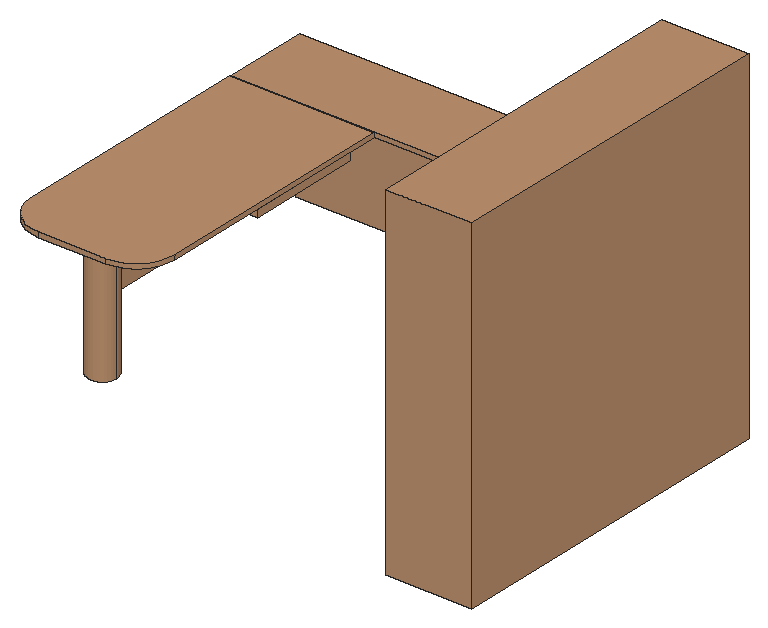
Revit family
Reference planes (in)
  plane 1 "Center Front/Back": y = 0
  plane 2: z = 0
  plane 3 "Center Left/Right": x = 0
Forms (in)
  Extrusion 1, solid, material "desk"
    sketch origin (0, 0, 0) x (1, 0, 0) y (0, 1, 0)
      loop
        line (-44.56898, 24.4196) -> (-44.56898, 6.4196) -> (45.43102, 6.4196) -> (45.43102, 24.4196) -> (-44.56898, 24.4196)
    from 29.01277 to 30
  Extrusion 2, solid, material "desk"
    sketch origin (-6, -0.125, 0) x (1, 0, 0) y (0, 1, 0)
      loop
        line (-38.56898, 6.4196) -> (-38.56898, -45.5804)
        arc (-38.56898, -45.5804) -> (-36.22584, -51.23725) -> (-30.56898, -53.5804) r 8
        line (-30.56898, -53.5804) -> (-16.56898, -53.5804)
        arc (-16.56898, -53.5804) -> (-10.91213, -51.23725) -> (-8.56898, -45.5804) r 8
        line (-8.56898, -45.5804) -> (-8.56898, 6.4196) -> (-38.56898, 6.4196)
    from 29.01277 to 30
  Extrusion 3, solid, material "desk"
    sketch origin (-6, 0, 0) x (1, 0, 0) y (0, 1, 0)
      loop
        circle (-26.55775, -42.05685) r 3
    from 0 to 29.01277
  Extrusion 4, solid, material "desk"
    sketch origin (-6, 0, 0) x (1, 0, 0) y (0, 1, 0)
      loop
        line (-27.05775, -39.05685) -> (-26.05775, -39.05685) -> (-26.05775, 23.4196) -> (-27.05775, 23.4196) -> (-27.05775, -39.05685)
    from 14.01376 to 29.01277
  Extrusion 5, solid, material "desk"
    sketch origin (0, 0, 0) x (1, 0, 0) y (0, 1, 0)
      loop
        line (45.43102, 24.4196) -> (25.49179, 24.4196) -> (25.49179, 6.4196) -> (45.43102, 6.4196) -> (45.43102, 24.4196)
    from 0 to 29.01277
  Extrusion 6, solid, material "desk"
    sketch origin (0, 0, 0) x (1, 0, 0) y (0, 1, 0)
      loop
        line (25.49179, 24.4196) -> (-44.56898, 24.4196) -> (-44.56898, 23.4196) -> (25.49179, 23.4196) -> (25.49179, 24.4196)
    from 0 to 29.01277
  Extrusion 7, void
    sketch origin (0, 0, 0) x (1, 0, 0) y (0, 1, 0)
      loop
        line (44.43102, 23.4196) -> (26.49179, 23.4196) -> (26.49179, 6.4196) -> (44.43102, 6.4196) -> (44.43102, 23.4196)
    from 0.96247 to 29.01277
  Extrusion 8, solid, material "desk"
    sketch origin (0, 0, 0) x (1, 0, 0) y (0, 1, 0)
      loop
        line (26.61679, 6.4196) -> (44.30602, 6.4196) -> (44.30602, 7.4196) -> (26.61679, 7.4196) -> (26.61679, 6.4196)
    from 1.08747 to 14.42049
  Extrusion 9, solid, material "desk"
    sketch origin (-3.25, 0, 0) x (1, 0, 0) y (0, 1, 0)
      loop
        line (29.86679, 6.4196) -> (47.55602, 6.4196) -> (47.55602, 7.4196) -> (29.86679, 7.4196) -> (29.86679, 6.4196)
    from 14.54549 to 28.88777
  Extrusion 10, solid, material "Desk handle"
    sketch origin (0, 0, 0) x (1, 0, 0) y (0, 1, 0)
      loop
        line (34.4614, 5.4196) -> (36.4614, 5.4196)
        arc (36.4614, 5.4196) -> (37.16851, 5.71249) -> (37.4614, 6.4196) r 1
        line (37.4614, 6.4196) -> (37.2114, 6.4196)
        arc (37.2114, 6.4196) -> (36.99173, 5.88927) -> (36.4614, 5.6696) r 0.75
        line (36.4614, 5.6696) -> (34.4614, 5.6696)
        arc (34.4614, 5.6696) -> (33.93107, 5.88927) -> (33.7114, 6.4196) r 0.75
        line (33.7114, 6.4196) -> (33.4614, 6.4196)
        arc (33.4614, 6.4196) -> (33.7543, 5.71249) -> (34.4614, 5.4196) r 1
    from 25.04179 to 26.05293
  Extrusion 11, solid, material "Desk handle"
    sketch origin (0, 0, 0) x (1, 0, 0) y (0, 1, 0)
      loop
        line (34.4614, 5.4196) -> (36.4614, 5.4196)
        arc (36.4614, 5.4196) -> (37.16851, 5.71249) -> (37.4614, 6.4196) r 1
        line (37.4614, 6.4196) -> (37.2114, 6.4196)
        arc (37.2114, 6.4196) -> (36.99173, 5.88927) -> (36.4614, 5.6696) r 0.75
        line (36.4614, 5.6696) -> (34.4614, 5.6696)
        arc (34.4614, 5.6696) -> (33.93107, 5.88927) -> (33.7114, 6.4196) r 0.75
        line (33.7114, 6.4196) -> (33.4614, 6.4196)
        arc (33.4614, 6.4196) -> (33.7543, 5.71249) -> (34.4614, 5.4196) r 1
    from 10.50792 to 11.4931
  Extrusion 12, solid, material "desk"
    sketch origin (0, 0, 0) x (1, 0, 0) y (0, 1, 0)
      loop
        line (-14.56898, 0) -> (-26.56898, 0) -> (-26.56898, -24) -> (-14.56898, -24) -> (-14.56898, 0)
    from 27.38777 to 28.88777
  Extrusion 13, solid, material "desk"
    sketch origin (0, 0, 0) x (1, 0, 0) y (0, 1, 0)
      loop
        line (45.43102, 6.4196) -> (45.43102, -65.5804) -> (63.43102, -65.5804) -> (63.43102, 6.4196) -> (45.43102, 6.4196)
    from 0 to 72
  Extrusion 14, void
    sketch origin (0, 0, 0) x (1, 0, 0) y (0, 1, 0)
      loop
        line (45.43102, -47.5804) -> (62.43102, -47.5804) -> (62.43102, -11.5804) -> (45.43102, -11.5804) -> (45.43102, -47.5804)
    from 0 to 29.01277
  Extrusion 15, void
    sketch origin (0, 0, 0) x (1, 0, 0) y (0, 1, 0)
      loop
        line (45.43102, -64.5804) -> (62.43102, -64.5804) -> (62.43102, 5.4196) -> (45.43102, 5.4196) -> (45.43102, -64.5804)
    from 30 to 54
  Extrusion 16, void
    sketch origin (0, 0, 0) x (1, 0, 0) y (0, 1, 0)
      loop
        line (45.43102, -48.5804) -> (45.43102, -64.5804) -> (62.43102, -64.5804) -> (62.43102, -48.5804) -> (45.43102, -48.5804)
    from 0.96247 to 29.01277
  Extrusion 17, void
    sketch origin (0, 54, 0) x (1, 0, 0) y (0, 1, 0)
      loop
        line (45.43102, -48.5804) -> (45.43102, -64.5804) -> (62.43102, -64.5804) -> (62.43102, -48.5804) -> (45.43102, -48.5804)
    from 0.96247 to 29.01277
  Extrusion 18, void
    sketch origin (0, 0, 0) x (1, 0, 0) y (0, 1, 0)
      loop
        line (45.43102, -48.5804) -> (45.43102, -64.5804) -> (62.43102, -64.5804) -> (62.43102, -48.5804) -> (45.43102, -48.5804)
    from 55 to 71
  Extrusion 19, void
    sketch origin (0, 54, 0) x (1, 0, 0) y (0, 1, 0)
      loop
        line (45.43102, -48.5804) -> (45.43102, -64.5804) -> (62.43102, -64.5804) -> (62.43102, -48.5804) -> (45.43102, -48.5804)
    from 55 to 71
  Extrusion 20, void
    sketch origin (0, 37, 0) x (1, 0, 0) y (0, 1, 0)
      loop
        line (45.43102, -48.5804) -> (45.43102, -66.0804) -> (62.43102, -66.0804) -> (62.43102, -48.5804) -> (45.43102, -48.5804)
    from 55 to 71
  Extrusion 21, void
    sketch origin (0, 17, 0) x (1, 0, 0) y (0, 1, 0)
      loop
        line (45.43102, -47.0804) -> (45.43102, -64.5804) -> (62.43102, -64.5804) -> (62.43102, -47.0804) -> (45.43102, -47.0804)
    from 55 to 71
  Extrusion 22, solid, material "desk"
    sketch origin (0, 17, 0) x (1, 0, 0) y (0, 1, 0)
      loop
        line (45.43102, -47.0804) -> (44.93102, -47.0804) -> (44.93102, -64.5804) -> (45.43102, -64.5804) -> (45.43102, -47.0804)
    from 55 to 71
  Extrusion 23, solid, material "desk"
    sketch origin (0, 0, 0) x (1, 0, 0) y (0, 1, 0)
      loop
        line (45.43102, -48.5804) -> (44.93102, -48.5804) -> (44.93102, -64.5804) -> (45.43102, -64.5804) -> (45.43102, -48.5804)
    from 55 to 71
  Extrusion 24, solid, material "desk"
    sketch origin (0, 54, 0) x (1, 0, 0) y (0, 1, 0)
      loop
        line (45.43102, -48.5804) -> (44.93102, -48.5804) -> (44.93102, -64.5804) -> (45.43102, -64.5804) -> (45.43102, -48.5804)
    from 55 to 71
  Extrusion 25, solid, material "desk"
    sketch origin (0, 35.5, 0) x (1, 0, 0) y (0, 1, 0)
      loop
        line (45.43102, -47.0804) -> (44.93102, -47.0804) -> (44.93102, -64.5804) -> (45.43102, -64.5804) -> (45.43102, -47.0804)
    from 55 to 71
  Extrusion 26, solid, material "Desk handle"
    sketch origin (38.51142, -34.13936, 23.33089) x (0, 0, 1) y (1, 0, 0)
      loop
        line (34.4614, 5.4196) -> (36.4614, 5.4196)
        arc (36.4614, 5.4196) -> (37.16851, 5.71249) -> (37.4614, 6.4196) r 1
        line (37.4614, 6.4196) -> (37.2114, 6.4196)
        arc (37.2114, 6.4196) -> (36.99173, 5.88927) -> (36.4614, 5.6696) r 0.75
        line (36.4614, 5.6696) -> (34.4614, 5.6696)
        arc (34.4614, 5.6696) -> (33.93107, 5.88927) -> (33.7114, 6.4196) r 0.75
        line (33.7114, 6.4196) -> (33.4614, 6.4196)
        arc (33.4614, 6.4196) -> (33.7543, 5.71249) -> (34.4614, 5.4196) r 1
    from 25.04179 to 26.05293
  Extrusion 27, solid, material "Desk handle"
    sketch origin (38.51142, 11.97856, 23.33089) x (0, 0, 1) y (-1, 0, 0)
      loop
        arc (34.4614, -5.4196) -> (33.7543, -5.71249) -> (33.4614, -6.4196) r 1
        line (33.4614, -6.4196) -> (33.7114, -6.4196)
        arc (33.7114, -6.4196) -> (33.93107, -5.88927) -> (34.4614, -5.6696) r 0.75
        line (34.4614, -5.6696) -> (36.4614, -5.6696)
        arc (36.4614, -5.6696) -> (36.99173, -5.88927) -> (37.2114, -6.4196) r 0.75
        line (37.2114, -6.4196) -> (37.4614, -6.4196)
        arc (37.4614, -6.4196) -> (37.16851, -5.71249) -> (36.4614, -5.4196) r 1
        line (36.4614, -5.4196) -> (34.4614, -5.4196)
    from 25.04179 to 26.05293
  Extrusion 28, solid, material "Desk handle"
    sketch origin (38.51142, -71.13936, 23.33089) x (0, 0, 1) y (1, 0, 0)
      loop
        line (34.4614, 5.4196) -> (36.4614, 5.4196)
        arc (36.4614, 5.4196) -> (37.16851, 5.71249) -> (37.4614, 6.4196) r 1
        line (37.4614, 6.4196) -> (37.2114, 6.4196)
        arc (37.2114, 6.4196) -> (36.99173, 5.88927) -> (36.4614, 5.6696) r 0.75
        line (36.4614, 5.6696) -> (34.4614, 5.6696)
        arc (34.4614, 5.6696) -> (33.93107, 5.88927) -> (33.7114, 6.4196) r 0.75
        line (33.7114, 6.4196) -> (33.4614, 6.4196)
        arc (33.4614, 6.4196) -> (33.7543, 5.71249) -> (34.4614, 5.4196) r 1
    from 25.04179 to 26.05293
  Extrusion 29, solid, material "Desk handle"
    sketch origin (38.51142, -25.02144, 23.33089) x (0, 0, 1) y (-1, 0, 0)
      loop
        arc (34.4614, -5.4196) -> (33.7543, -5.71249) -> (33.4614, -6.4196) r 1
        line (33.4614, -6.4196) -> (33.7114, -6.4196)
        arc (33.7114, -6.4196) -> (33.93107, -5.88927) -> (34.4614, -5.6696) r 0.75
        line (34.4614, -5.6696) -> (36.4614, -5.6696)
        arc (36.4614, -5.6696) -> (36.99173, -5.88927) -> (37.2114, -6.4196) r 0.75
        line (37.2114, -6.4196) -> (37.4614, -6.4196)
        arc (37.4614, -6.4196) -> (37.16851, -5.71249) -> (36.4614, -5.4196) r 1
        line (36.4614, -5.4196) -> (34.4614, -5.4196)
    from 25.04179 to 26.05293
  Extrusion 30, solid, material "desk"
    sketch origin (39.01142, -20.27438, 0) x (0, -1, 0) y (1, 0, 0)
      loop
        line (28.43102, 6.4196) -> (44.18102, 6.4196) -> (44.18102, 7.4196) -> (28.43102, 7.4196) -> (28.43102, 6.4196)
    from 1.08747 to 14.42049
  Extrusion 31, solid, material "desk"
    sketch origin (39.01142, -17.02438, 0) x (0, -1, 0) y (1, 0, 0)
      loop
        line (31.68102, 6.4196) -> (47.43102, 6.4196) -> (47.43102, 7.4196) -> (31.68102, 7.4196) -> (31.68102, 6.4196)
    from 14.54549 to 28.88777
  Extrusion 32, solid, material "Desk handle"
    sketch origin (39.01142, -20.27438, 0) x (0, -1, 0) y (1, 0, 0)
      loop
        line (34.4614, 5.4196) -> (36.4614, 5.4196)
        arc (36.4614, 5.4196) -> (37.16851, 5.71249) -> (37.4614, 6.4196) r 1
        line (37.4614, 6.4196) -> (37.2114, 6.4196)
        arc (37.2114, 6.4196) -> (36.99173, 5.88927) -> (36.4614, 5.6696) r 0.75
        line (36.4614, 5.6696) -> (34.4614, 5.6696)
        arc (34.4614, 5.6696) -> (33.93107, 5.88927) -> (33.7114, 6.4196) r 0.75
        line (33.7114, 6.4196) -> (33.4614, 6.4196)
        arc (33.4614, 6.4196) -> (33.7543, 5.71249) -> (34.4614, 5.4196) r 1
    from 25.04179 to 26.05293
  Extrusion 33, solid, material "Desk handle"
    sketch origin (39.01142, -20.27438, 0) x (0, -1, 0) y (1, 0, 0)
      loop
        line (34.4614, 5.4196) -> (36.4614, 5.4196)
        arc (36.4614, 5.4196) -> (37.16851, 5.71249) -> (37.4614, 6.4196) r 1
        line (37.4614, 6.4196) -> (37.2114, 6.4196)
        arc (37.2114, 6.4196) -> (36.99173, 5.88927) -> (36.4614, 5.6696) r 0.75
        line (36.4614, 5.6696) -> (34.4614, 5.6696)
        arc (34.4614, 5.6696) -> (33.93107, 5.88927) -> (33.7114, 6.4196) r 0.75
        line (33.7114, 6.4196) -> (33.4614, 6.4196)
        arc (33.4614, 6.4196) -> (33.7543, 5.71249) -> (34.4614, 5.4196) r 1
    from 10.50792 to 11.4931
  Extrusion 34, solid, material "desk"
    sketch origin (39.01142, 33.72562, 0) x (0, -1, 0) y (1, 0, 0)
      loop
        line (28.43102, 6.4196) -> (44.18102, 6.4196) -> (44.18102, 7.4196) -> (28.43102, 7.4196) -> (28.43102, 6.4196)
    from 1.08747 to 14.42049
  Extrusion 35, solid, material "desk"
    sketch origin (39.01142, 36.97562, 0) x (0, -1, 0) y (1, 0, 0)
      loop
        line (31.68102, 6.4196) -> (47.43102, 6.4196) -> (47.43102, 7.4196) -> (31.68102, 7.4196) -> (31.68102, 6.4196)
    from 14.54549 to 28.88777
  Extrusion 36, solid, material "Desk handle"
    sketch origin (39.01142, 33.72562, 0) x (0, -1, 0) y (1, 0, 0)
      loop
        line (34.4614, 5.4196) -> (36.4614, 5.4196)
        arc (36.4614, 5.4196) -> (37.16851, 5.71249) -> (37.4614, 6.4196) r 1
        line (37.4614, 6.4196) -> (37.2114, 6.4196)
        arc (37.2114, 6.4196) -> (36.99173, 5.88927) -> (36.4614, 5.6696) r 0.75
        line (36.4614, 5.6696) -> (34.4614, 5.6696)
        arc (34.4614, 5.6696) -> (33.93107, 5.88927) -> (33.7114, 6.4196) r 0.75
        line (33.7114, 6.4196) -> (33.4614, 6.4196)
        arc (33.4614, 6.4196) -> (33.7543, 5.71249) -> (34.4614, 5.4196) r 1
    from 25.04179 to 26.05293
  Extrusion 37, solid, material "Desk handle"
    sketch origin (39.01142, 33.72562, 0) x (0, -1, 0) y (1, 0, 0)
      loop
        line (34.4614, 5.4196) -> (36.4614, 5.4196)
        arc (36.4614, 5.4196) -> (37.16851, 5.71249) -> (37.4614, 6.4196) r 1
        line (37.4614, 6.4196) -> (37.2114, 6.4196)
        arc (37.2114, 6.4196) -> (36.99173, 5.88927) -> (36.4614, 5.6696) r 0.75
        line (36.4614, 5.6696) -> (34.4614, 5.6696)
        arc (34.4614, 5.6696) -> (33.93107, 5.88927) -> (33.7114, 6.4196) r 0.75
        line (33.7114, 6.4196) -> (33.4614, 6.4196)
        arc (33.4614, 6.4196) -> (33.7543, 5.71249) -> (34.4614, 5.4196) r 1
    from 10.50792 to 11.4931
Cuts and joins
  Extrusion 7 cuts Extrusion 1
  Extrusion 7 cuts Extrusion 5
  Extrusion 14, Extrusion 15, Extrusion 16, Extrusion 17, Extrusion 18, Extrusion 19, Extrusion 20, Extrusion 21 cuts Extrusion 13
